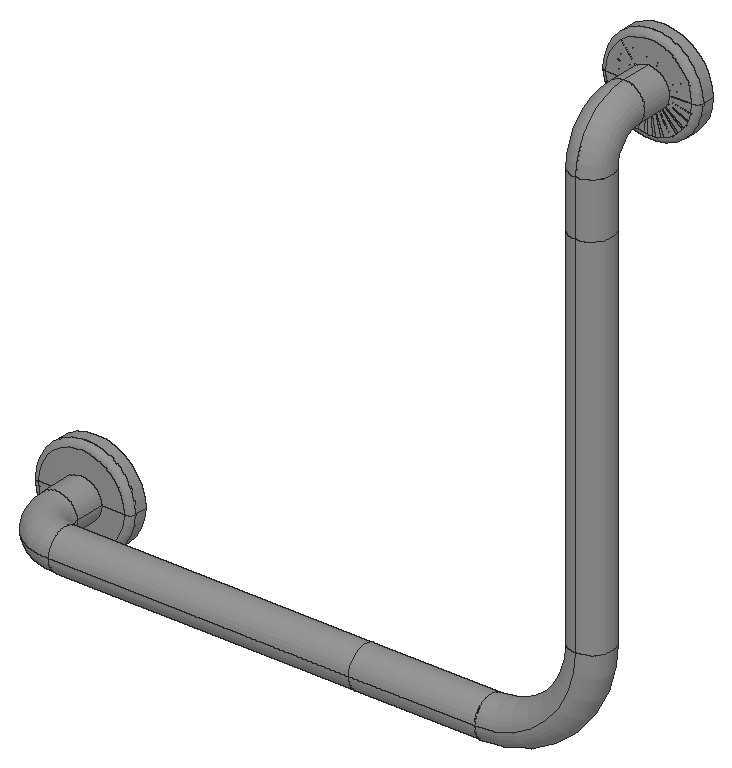
Revit family "rba-bim-rba4090-450", category Generic Models, Revit 2015
Parameters (values of type "RBA4090-450")
  Watermarked By = "www.rba.com.au"
  URL = "http://www.rba.com.au/accessible-disabled/grab-rails"
  Phone Number = "1300 788 778"
  OFFSET [instance] = 800 mm
  Modified Issue = "20160802.01"
  Model = "RBA4090-450"
  Manufacturer = "RBA Group"
  Lgth = 900 mm
  Grab Rail = Satin Stainless Steel Finish
  Diameter = 32 mm
  Description = "90° Ambulant Angled Grab Rail"
  Copyrighted by = "RBA Group"  # constant formula
Reference planes
  plane 1 "Center (Front/Back)": y = 0
  plane 2: z = 0
  plane 3 "Center (Left/Right)": x = 0
  plane 4: z = 800
Dimensions and locks
  "OFFSET": plane 4 to level
  locked: plane 4 to nested 1 at 16.016
  aligned and locked: level to plane 2
  aligned and locked: plane 1 "Center (Front/Back)" to nested 1
  aligned and locked: plane 3 "Center (Left/Right)" to nested 1
Nested families
  nested 1: "rba-bim-rba4090-450" at (-490.5, 0, 783.984), type "RBA4090-450"
    with R_Void 15 mm, R 0 mm
Definition of nested family "rba-bim-rba4090-450"
  Parameters (values of type "RBA4090-450")
    Watermarked By = "www.rba.com.au"
    URL = "http://www.rba.com.au/accessible-disabled/grab-rails"
    R_Void [instance] = 15 mm
    R [instance] = 0 mm
    Model = "RBA4090-450"
    Manufacturer = "RBA GROUP"
    Description = "90° Angled Grab Rail"
    BAR = none
    Assembly Code = ""
  Reference planes
    plane 1 "Center (Front/Back)": y = 0
    plane 2: z = 0
    plane 3: x = 40.5
    plane 4: z = 30
    plane 5: x = 13
    plane 6: x = 68
    plane 7: x = 490.5
    plane 8: z = 450
    plane 9: z = 480
    plane 10: x = 463
    plane 11: x = 518
    plane 12: x = 490.5
  Forms (mm)
    Extrusion 1, solid
      sketch origin (40.5, -2.628, 315.907) x (0, 0, -1) y (-1, 0, 0)
        loop
          circle (315.907, 0) r 37.5
      from -0.219 to 2.628
    Revolve 2, solid, material <- "BAR"
      sketch origin (40.5, 18.663, 0) x (0, -1, 0) y (1, 0, 0)
        loop
          line (18.663, 0) -> (18.663, -39) -> (27.902, -39)
          arc (27.902, -39) -> (31.396, -37.577) -> (32.901, -34.117) r 5
          line (32.901, -34.117) -> (33.701, 0) -> (18.663, 0)
        axis (18.663, 0) -> (33.701, 0)
      angle from 0 to 360
    Extrusion 3, solid
      sketch origin (40.5, -2.628, 315.907) x (0, 0, -1) y (-1, 0, 0)
        loop
          circle (315.907, 0) r 37.5
      from -0.219 to 2.628
    Sweep 4, solid, material <- "BAR"
      path origin (40.5, 11.454, 0) x (0, -1, 0) y (-1, 0, 0)
        loop
          line (14.302, 0) -> (50.454, 0)
          arc (50.454, 0) -> (73.082, -9.373) -> (82.454, -32) r 32
          line (82.454, -32) -> (82.454, -270)
      profile origin (40.5, -20.924, 0) x (1, 0, 0) y (0, 0, 1)
        loop
          circle (0, 0) r 16
    Extrusion 5, void
      sketch origin (40.5, 34.941, 315.907) x (0, 0, -1) y (-1, 0, 0)
        loop
          circle (315.907, 27.5) r 5
        loop
          circle (315.907, -27.5) r 5
      from -37.788 to -30
    Extrusion 6, solid
      sketch origin (490.5, -2.628, 765.907) x (0, 0, -1) y (-1, 0, 0)
        loop
          circle (315.907, 0) r 37.5
      from -0.219 to 2.628
    Extrusion 7, solid
      sketch origin (490.5, -2.628, 765.907) x (0, 0, -1) y (-1, 0, 0)
        loop
          circle (315.907, 0) r 37.5
      from -0.219 to 2.628
    Sweep 8, solid, material <- "BAR"
      path origin (40.5, 11.454, 450) x (0, -1, 0) y (0, 0, -1)
        loop
          line (14.302, 0) -> (50.454, 0)
          arc (50.454, 0) -> (73.082, 9.373) -> (82.454, 32) r 32
          line (82.454, 32) -> (82.454, 76)
      profile origin (40.5, -20.924, 450) x (0, 0, -1) y (1, 0, 0)
        loop
          circle (0, 450) r 16
    Extrusion 9, void
      sketch origin (490.5, 34.941, 765.907) x (0, 0, -1) y (-1, 0, 0)
        loop
          circle (315.907, 27.5) r 5
        loop
          circle (315.907, -27.5) r 5
      from -37.788 to -30
    Revolve 10, solid, material <- "BAR"
      sketch origin (490.5, 18.663, 450) x (0, -1, 0) y (1, 0, 0)
        loop
          line (18.663, 0) -> (18.663, -39) -> (27.902, -39)
          arc (27.902, -39) -> (31.396, -37.577) -> (32.901, -34.117) r 5
          line (32.901, -34.117) -> (33.701, 0) -> (18.663, 0)
        axis (18.663, 0) -> (33.701, 0)
      angle from 0 to 360
    Revolve 11, solid, material <- "BAR"
      sketch origin (490.5, 18.663, 450) x (0, -1, 0) y (1, 0, 0)
        loop
          line (18.663, 0) -> (33.701, 0) -> (32.901, 34.117)
          arc (32.901, 34.117) -> (31.396, 37.577) -> (27.902, 39) r 5
          line (27.902, 39) -> (18.663, 39) -> (18.663, 0)
        axis (18.663, 0) -> (33.701, 0)
      angle from 0 to 360
    Sweep 12, solid, material <- "BAR"
      path origin (0, 0, 0) x (1, 0, 0) y (0, 0, 1)
        loop
          line (310.5, 0) -> (410.5, 0)
          arc (410.5, 0) -> (467.069, 23.431) -> (490.5, 80) r 80
          line (490.5, 80) -> (490.5, 374)
      profile origin (360.5, 0, 0) x (0, 0, 1) y (0, -1, 0)
        loop
          circle (0, 71) r 16
  Cuts and joins
    Extrusion 5, Extrusion 9 cuts Extrusion 1
    Extrusion 5, Extrusion 9 cuts Extrusion 3
    Extrusion 5, Extrusion 9 cuts Revolve 2
    Extrusion 9 cuts Revolve 10
    joined: Revolve 2, Sweep 4, Sweep 8, Revolve 10, Sweep 12
    Extrusion 9 cuts Revolve 11
    Extrusion 9 cuts Extrusion 7
    Extrusion 9 cuts Extrusion 6
  Dimensions and locks
    Revolve 2 sketch curve to Revolve 2 sketch curve = 39 mm
    plane 5 to plane 6 = 55 mm
    plane 7 to plane 3 = 450 mm
    plane 8 to level = 450 mm
    plane 10 to plane 11 = 55 mm
    Revolve 10 sketch curve to Revolve 10 sketch curve = 39 mm
    Revolve 11 sketch curve to Revolve 11 sketch curve = 39 mm
    radius of Extrusion 1 sketch curve = 37.5 mm
    radius of Extrusion 3 sketch curve = 37.5 mm
    radius of Sweep 4 sketch curve = 16 mm
    radius of Extrusion 6 sketch curve = 37.5 mm
    radius of Extrusion 7 sketch curve = 37.5 mm
    radius of Sweep 8 sketch curve = 16 mm
    aligned and locked: Revolve 2 to Extrusion 1
  Nested families
    nested 1: "FamilyID" at (1.5, 0, 0), type "FamilyID"
  Definition of nested family "FamilyID"
    Reference planes
      plane 1: y = 0
      plane 2: x = 0
    Text (mm)
      text "RBA COPYRIGHT" at (0.001, 0.001, 0)
